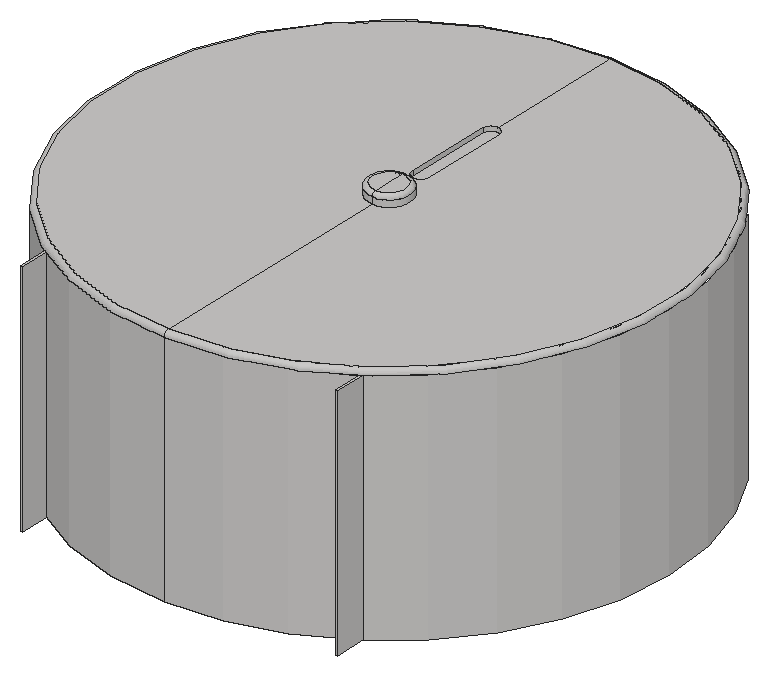
Revit family "PRD_AR_TltRllHldrs_JumboRollHolder_CHRX669,CHRX670", category Specialty Equipment, host Face, Revit 2018
Family settings
  Host = Face
  Round Connector Dimension = Use Diameter
  Part Type = Normal
  OmniClass Number = 23.40.20.21.21
  OmniClass Title = Toilet Paper Dispensers
  Cut with Voids When Loaded = No
  Shared = No
  Room Calculation Point = No
Parameters (values of type "CHRX669")
  WarrantyStartDate [instance] = "1900-12-31T23:59:59"
  WarrantyGuarantorParts = "n/a"
  WarrantyGuarantorLabor = "n/a"
  WarrantyDurationUnit = "year"
  WarrantyDurationParts = "n/a"
  WarrantyDurationLabor = "n/a"
  WarrantyDescription = "n/a"
  Version = "1"
  Uniclass2015Version = "Products v1.5"
  Uniclass2015Title = "Toilet roll holders"
  Uniclass2015Code = "Pr_40_20_76_88"
  URL = "www.kwc.com"
  Type = CHRX669 : CHRX669
  TagNumber [instance] = "n/a"
  SustainabilityPerformance = "n/a"
  Style = "Toilet roll holder"
  Size = "269 x 269 x 116 mm"
  Shape = "n/a"
  SerialNumber [instance] = "n/a"
  RollHolderMaterial = PRD_AR_StainlessSteel_SatinFinished
  Revision = "n/a"
  ReplacementCost = "n/a"
  ProductInformation = "https://pim.kwc.com/product/2000060983/attachment/datasheet?locale=en"
  NominalWidth = 269.00 mm
  NominalLength = 269.00 mm
  NominalHeight = 269.00 mm
  NominalDepth = 116.00 mm
  NetWeight = 1.28 kg
  Name = "Jumbo roll holder CHRX669"
  NBSTypeID = "n/a"
  NBSReference = "45-35-72/368"
  NBSOfficeMasterTag = "n/a"
  NBSNote = "n/a"
  NBSDescription = "Toilet roll holders"
  NBSCertification = "n/a"
  ModelReference = "CHRX669"
  ModelNumber = "2000060983"
  Model = ModelReference  # "CHRX669"
  MaximumWidthOfConsumable = 105.00 mm
  Materials = "Stainless steel"
  Material = "Stainless steel"
  ManufacturerURL = "www.kwc.com"
  ManufacturerName = "KWC Group AG"  # constant formula
  Manufacturer = ManufacturerName  # "KWC Group AG"
  MainColor = "Stainless steel"
  Lock = "key-lock"
  IntegralAccessories = "Stainless steel screws and dowels incl."
  InstallationDate [instance] = "1900-12-31T23:59:59"
  IfcExportType = "NOTDEFINED"
  IfcExportAs = "IfcFurnitureType"
  GrossWeight = 1.68 kg
  Grade = "n/a"
  Form = "Wall mounted"
  FinishAndColour = "Stainless steel, satin finished"
  Finish = "Satin finished"
  FillingQuantity = "1 ROLL"
  Features = "stainless steel, 0.80 mm, satin finished, wall mounting, 269x269x116 mm (WxHxD)"
  ExpectedLife = "n/a"
  DurationUnit = "year"
  Description = "Jumbo roll holder for wall mounting, stainless steel, surface satin finished, material thickness 0.8 mm, cylinder lock with KWC standard key, closed round casing with inspection window, paper withdrawal over two tear-off edges, for 1 roll with max. 260 mm diameter, incl. stainless steel screws and dowels."
  Default Elevation = 700.00 mm
  Constituents = "n/a"
  Color = "Stainless steel"
  CodePerformance = "n/a"
  Category = "Pr_40_20_76_88, Toilet roll holders"
  BarCode [instance] = "n/a"
  BIMObjectName = "PRD_AR_ToiletRollHolders_JumboRollHolder_CHRX669"
  Author = "Archispace"  # constant formula
  AssetType = "Fixed"
  AssetIdentifier [instance] = "n/a"
  AccessibilityPerformance = "n/a"
Types (2, lengths in mm): name | Type | Size | ProductInformation | NominalWidth | NominalLength | NominalHeight | NominalDepth | NetWeight | Name | ModelReference | ModelNumber | Model | MaximumWidthOfConsumable | Lock | GrossWeight | Features | Description | BIMObjectName
  CHRX670 | CHRX670 : CHRX670 | "369 x 369 x 108 mm" | "https://pim.kwc.com/product/2000057141/attachment/datasheet?locale=en" | 369.00 | 369.00 | 369.00 | 108.00 | 1.90 kg | "Jumbo roll holder CHRX670" | "CHRX670" | "2000057141" | "CHRX670" | 100.00 | "screw-lock" | 2.42 kg | "stainless steel, 0.90 mm, satin finished, wall mounting, 369x369x108 mm (WxHxD)" | "Jumbo roll holder for wall mounting, stainless steel, surface satin finished, material thickness 0.9 mm, closed round casing with inspection window, paper withdrawal over two tear-off edges, locked with hexagonal allen screw, for 1 roll with max. 350 mm diameter, incl. stainless steel screws, dowels and hexagonal allen key." | "PRD_AR_ToiletRollHolders_JumboRollHolder_CHRX670"
  CHRX669 | CHRX669 : CHRX669 | "269 x 269 x 116 mm" | "https://pim.kwc.com/product/2000060983/attachment/datasheet?locale=en" | 269.00 | 269.00 | 269.00 | 116.00 | 1.28 kg | "Jumbo roll holder CHRX669" | "CHRX669" | "2000060983" | "CHRX669" | 105.00 | "key-lock" | 1.68 kg | "stainless steel, 0.80 mm, satin finished, wall mounting, 269x269x116 mm (WxHxD)" | "Jumbo roll holder for wall mounting, stainless steel, surface satin finished, material thickness 0.8 mm, cylinder lock with KWC standard key, closed round casing with inspection window, paper withdrawal over two tear-off edges, for 1 roll with max. 260 mm diameter, incl. stainless steel screws and dowels." | "PRD_AR_ToiletRollHolders_JumboRollHolder_CHRX669"
Reference planes
  plane 1 "Center (Front/Back)": y = 0
  plane 2: z = 0
  plane 3 "Center (Left/Right)": x = 0
  plane 4: y = -184.5
Dimensions and locks
  aligned and locked: plane 2 to host face
  aligned and locked: level to host face
Nested families
  nested 1: "CHRX669" at (0, -50, 0), type <- "Type", type "CHRX669"
Definition of nested family "CHRX669"
  Parameters (values of type "CHRX669")
    RollHolderMaterial = none
  Reference planes
    plane 1 "Środek (Przód/Tył)": y = 0
    plane 2: z = 0
    plane 3 "Środek (Lewa/Prawa)": x = 0
    plane 4: y = -134.5
  Forms (mm)
    Revolve 1, solid, material <- "RollHolderMaterial", detail levels fine
      sketch origin (0, 0, 0) x (0, 1, 0) y (0, 0, 1)
        loop
          line (134.5, 0) -> (134.5, 113.5)
          arc (134.5, 113.5) -> (133.768, 115.268) -> (132, 116) r 2.5
          line (132, 116) -> (0, 116) -> (0, 0) -> (134.5, 0)
        axis (0, 0) -> (0, 116)
      angle from 0 to 360
    Extrusion 2, solid, material <- "RollHolderMaterial", detail levels fine
      sketch origin (0, 0, 0) x (1, 0, 0) y (0, 1, 0)
        loop
          line (-76, -110.97) -> (-76, -125.7) -> (-75, -125.7) -> (-75, -111.648)
          arc (-75, -111.648) -> (-75.501, -111.31) -> (-76, -110.97) r 134.5
        loop
          arc (76, -110.97) -> (75.501, -111.31) -> (75, -111.648) r 134.5
          line (75, -111.648) -> (75, -125.7) -> (76, -125.7) -> (76, -110.97)
      from 0 to 113.5
    Extrusion 3, void
      sketch origin (0, 0, 0) x (1, 0, 0) y (0, 1, 0)
        loop
          arc (-4, 19) -> (0, 15) -> (4, 19) r 4
          line (4, 19) -> (4, 61)
          arc (4, 61) -> (0, 65) -> (-4, 61) r 4
          line (-4, 61) -> (-4, 19)
      from 114 to 116
    Extrusion 4, solid, material <- "RollHolderMaterial", detail levels coarse+medium
      sketch origin (0, 0, 0) x (1, 0, 0) y (0, 1, 0)
        loop
          circle (0, 0) r 134.5
      from 0 to 116
    Revolve 5, solid, material <- "RollHolderMaterial", detail levels fine
      sketch origin (0, 0, 0) x (0, 1, 0) y (0, 0, 1)
        loop
          line (0, 116) -> (10, 116) -> (10, 119)
          arc (10, 119) -> (9.414, 120.414) -> (8, 121) r 2
          line (8, 121) -> (0, 121) -> (0, 116)
        axis (0, 116) -> (0, 121)
      angle from 0 to 360
  Cuts and joins
    Extrusion 3 cuts Revolve 1
  Dimensions and locks
    aligned and locked: level to plane 2
